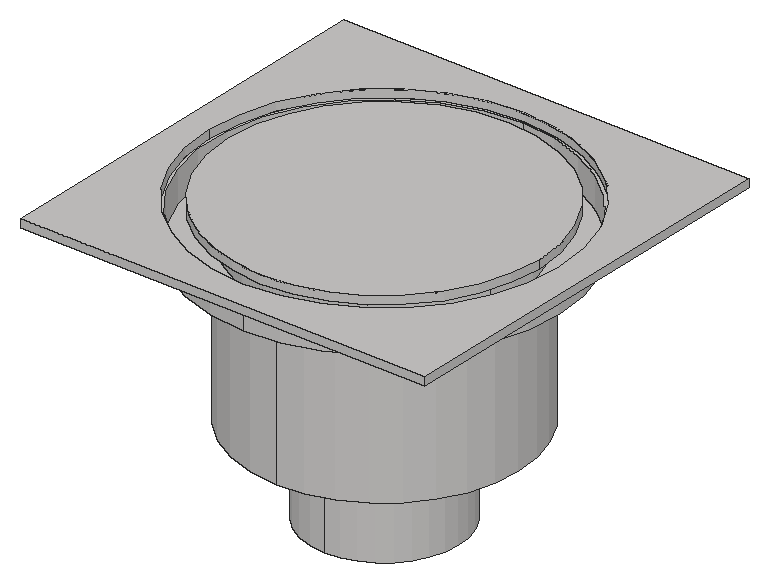
Revit family "QF_ELECTROLUXPROFESSIONAL_328050_FDE3030", category Attrezzature speciali, Revit 2020
Family settings
  Quota connettore circolare = Usa diametro
  Tipo di parte = Normale
  Basato su piano di lavoro = No
  Sempre verticale = Sì
  Taglio con vuoti quando caricato = No
  Condiviso = No
  Punto di calcolo locali = No
Parameters (values of type "Standard")
  Weight = 11.0231 lbm
  Watts = 0 W
  Volts = 0 V
  URL Manufacturer = "https://www.electroluxprofessional.com/"
  URL = "https://www.electroluxprofessional.com/"
  Steam Supply Size = 0"
  Steam Supply Minimum Pressure = 0.00 psi
  Steam Supply Maximum Pressure = 0.00 psi
  Steam Consumption per Hour = 0
  Refrigeration Suction Line Size = 0 mm
  Refrigeration Liquid Line Size = 0 mm
  Refrigerant Compressor Remote = yes
  Prospetto di default = 0 mm
  Phase = 0
  Modello = "FDE3030"
  Produttore = "Electrolux Professional"
  Length Actual = 300 mm  # constant formula
  Item Number = "328050"
  Hot Water Size = 0"
  Height Actual = 208 mm  # constant formula
  HP = "0 HP"
  Gas Size = 0"
  Gas KW = 0
  Gas Input Pressure = 0.0 Btu/h
  Direct Waste Size = 3.93701"
  Descrizione = "FLOOR DRAIN+SOL.TOP-VERT.OUTLET 300X300"
  Depth Actual = 300 mm  # constant formula
  Cycle = 0 Hz
  Condensate Return Size = 0"
  Compressed Air Volume = 0 GPM
  Compressed Air Size = 0"
  Compressed Air Pressure = 0.00 psi
  Cold Water Size = 0"
  Assembly Code = ""
  Accessory = yes
Reference planes
  plane 1: z = 0
  plane 2 "Center (Front/Back)": y = -102.225
  plane 3 "Center (Left/Right)": x = 9.791
  plane 4 "TOP": z = -210
  plane 5 "Back": y = 47.775
  plane 6 "Front": y = -252.225
  plane 7: x = -140.209
  plane 8: x = 159.791
Forms (mm)
  Extrusion 1, solid, material "QF_Finishes_Stainless Steel"
    sketch origin (0, 0, 0) x (1, 0, 0) y (0, 1, 0)
      loop
        line (-140.209, 47.775) -> (-140.209, -252.225) -> (159.791, -252.225) -> (159.791, 47.775) -> (-140.209, 47.775)
      loop
        circle (9.791, -102.225) r 130
      loop
        circle (9.791, -102.225) r 115
    from 1 to -5
  Revolve 2, solid, material "QF_Metal-Stainless-Polished"
    sketch origin (9.791, 0, 0) x (0, 1, 0) y (0, 0, 1)
      loop
        line (25.775, -5) -> (25.775, -28) -> (-4.225, -28) -> (-4.225, -143) -> (-49.225, -143) -> (-49.225, -210) -> (-47.225, -210) -> (-47.225, -145) -> (-2.225, -145) -> (-2.225, -30) -> (27.775, -30) -> (27.775, -5) -> (25.775, -5)
      axis (-102.225, -210) -> (-102.225, -5)
    angle from 0 to 360
Lines and regions (mm)
  symbolic lines
    curve 1: line (-140.209, 47.775, 0) -> (159.791, 47.775, 0)
    curve 2: line (-140.209, -252.225, 0) -> (-140.209, 47.775, 0)
    curve 3: line (159.791, -252.225, 0) -> (-140.209, -252.225, 0)
    curve 4: line (159.791, 47.775, 0) -> (159.791, -252.225, 0)
    curve 5: circle (9.791, -102.225, 0) r 130 normal (0, 0, 1)
    curve 6: circle (9.791, -102.225, 0) r 115 normal (0, 0, 1)
Dimensions and locks
  equal spacing: plane 5 "Back", plane 2 "Center (Front/Back)", plane 6 "Front"
  plane 5 "Back" to plane 6 "Front" = 300 mm
  equal spacing: plane 8, plane 3 "Center (Left/Right)", plane 7
  plane 8 to plane 7 = 300 mm
  aligned and locked: level to plane 1
Automatic sketch dimensions
  Extrusion 1 sketch curve to Extrusion 1 sketch curve = 0 mm  (x2)
  plane 5 "Back" to Extrusion 1 sketch curve = 0 mm
  Extrusion 1 sketch curve to plane 7 = 0 mm
  Extrusion 1 sketch curve to plane 2 "Center (Front/Back)" = 0 mm
  Extrusion 1 sketch curve to plane 3 "Center (Left/Right)" = 0 mm
  plane 6 "Front" to Extrusion 1 sketch curve = 0 mm
  Extrusion 1 sketch curve to plane 8 = 0 mm
  Revolve 2 sketch curve to plane 4 "TOP" = 0 mm
  plane 2 "Center (Front/Back)" to Revolve 2 sketch curve = 53 mm
  Revolve 2 sketch curve to Revolve 2 sketch curve = 2 mm  (x5)
  Revolve 2 sketch curve to level = 28 mm
  plane 5 "Back" to Revolve 2 sketch curve = 52 mm
  Revolve 2 sketch curve to Revolve 2 sketch curve = 28 mm
  Revolve 2 sketch curve to level = 5 mm
  Revolve 2 sketch curve to Revolve 2 sketch curve = 65 mm
  curve 5 to curve 6 = 0 mm  (x2)
  plane 5 "Back" to curve 1 = 0 mm
  curve 1 to plane 7 = 0 mm
  curve 5 to plane 2 "Center (Front/Back)" = 0 mm
  curve 5 to plane 3 "Center (Left/Right)" = 0 mm
  plane 6 "Front" to curve 4 = 0 mm
  curve 4 to plane 8 = 0 mm
  radius of Extrusion 1 sketch curve = 130 mm
  radius of Extrusion 1 sketch curve = 115 mm
  radius of curve 5 = 130 mm
  radius of curve 6 = 115 mm
Connectors
  piping at (9.791, -102.225, -210), diameter 100, driven by "Direct Waste Size"
    settings: on Revolve 2, index 1, connector inside diameter 24", connector length 0 mm, flow factor 0, pipe flow 0 GPM, pressure drop 0.00 psi, fitting loss kfactor 0, connector angle 0.00°, fixture units 0, engagement length 0 mm, angle of deflection 0.00°, flow configuration 1, flow direction 2, fitting loss method 0, system type 16, joint type 0, gender type 0, connector reference index -1, connector utility 0, adjustable connector no, is connector primary yes, connector description "Drain"
